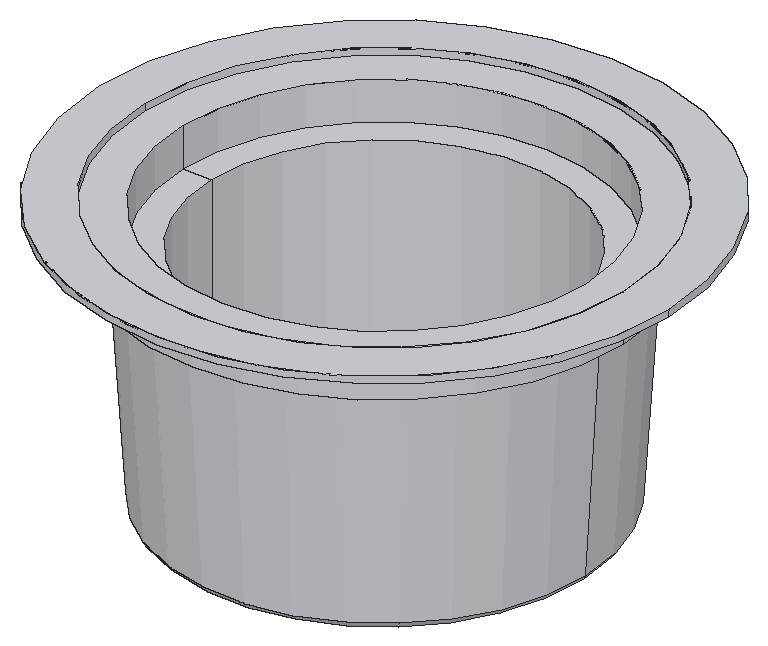
Revit family "Lighting-CommercialSector-GEWISS-ELIA-AL-LED_ACCENT_D172", category Apparecchi per illuminazione, host Superficie, Revit 2019 (continued)
Types (16, lengths in mm): name | Technical sheet | Optic | built-in parameter 1150142 | Lumen output (lm) | Model | IDT | File diagramma fotometrico | Description | Colour temperature: | Colour temperature
  GWF1411MH830 - ELIA AL M2 30K 60° ST.ALONE DALI CRI80 | "https://www.gewiss.com/ww/en/search?q=GWF1101QC840" | "60°" | "IESNA:LM-63-1995\r\n[TEST] 1\r\n[DATE] 27 Nov 2019\r\n[MANUFAC] GEWISS\r\n[LUMCAT] GWF1411MH830\r\n[LUMINAIRE] ELIA AL - M2 60° LED830 25W - DALI\r\n[FLASHAREA] 0.003065\r\n[LAMPCAT] LED 25W/2600lm\r\n[LAMP] LED 25W/2600lm\r\nTILT=NONE\r\n1 2600.00 1.0 91 4 1 2 -0.127 0.000 0.000\r\n1.00 1.00 25.00\r\n0.00 1.00 2.00 3.00 4.00 5.00 6.00 7.00 8.00 9.00 10.00 \r\n11.00 12.00 13.00 14.00 15.00 16.00 17.00 18.00 19.00 \r\n20.00 21.00 22.00 23.00 24.00 25.00 26.00 27.00 28.00 \r\n29.00 30.00 31.00 32.00 33.00 34.00 35.00 36.00 37.00 \r\n38.00 39.00 40.00 41.00 42.00 43.00 44.00 45.00 46.00 \r\n47.00 48.00 49.00 50.00 51.00 52.00 53.00 54.00 55.00 \r\n56.00 57.00 58.00 59.00 60.00 61.00 62.00 63.00 64.00 \r\n65.00 66.00 67.00 68.00 69.00 70.00 71.00 72.00 73.00 \r\n74.00 75.00 76.00 77.00 78.00 79.00 80.00 81.00 82.00 \r\n83.00 84.00 85.00 86.00 87.00 88.00 89.00 90.00 \r\n0.00 30.00 60.00 90.00 \r\n3096.60 3099.20 3103.10 3107.00 3108.30 3103.10 3092.70 \r\n3078.40 3064.10 3047.20 3031.60 3014.70 2991.30 2961.40 \r\n2925.00 2879.50 2821.00 2752.10 2674.10 2584.27 2487.42 \r\n2382.77 2271.49 2152.28 2028.26 1898.13 1765.53 1636.57 \r\n1503.06 1369.94 1239.94 1117.48 1006.85 907.14 817.18 \r\n736.19 663.00 597.61 537.81 482.43 431.34 383.76 339.56 \r\n297.18 256.91 216.91 178.45 141.12 107.28 80.47 59.34 \r\n42.39 28.95 20.07 13.74 8.87 5.65 3.70 2.91 2.47 2.16 \r\n1.94 1.70 1.49 1.35 1.23 1.15 1.09 1.03 0.98 0.91 0.88 \r\n0.83 0.79 0.72 0.67 0.61 0.55 0.48 0.39 0.31 0.23 0.15 \r\n0.07 0.00 0.00 0.00 0.00 0.00 0.00 0.00 \r\n3081.00 3083.60 3088.15 3090.10 3086.85 3079.70 3070.60 \r\n3058.90 3045.90 3030.30 3016.00 2996.50 2973.10 2941.25 \r\n2903.55 2857.40 2799.55 2731.30 2653.43 2566.72 2471.76 \r\n2368.80 2260.05 2144.29 2022.74 1895.79 1765.08 1634.04 \r\n1502.74 1370.59 1239.81 1119.37 1009.39 909.74 821.27 \r\n741.06 668.33 602.94 543.27 488.15 436.41 388.51 344.31 \r\n301.93 260.95 220.99 182.21 144.14 109.34 81.49 60.47 \r\n43.02 29.10 20.12 13.84 8.96 5.56 3.72 2.89 2.43 2.15 \r\n1.94 1.70 1.49 1.33 1.22 1.15 1.08 1.02 0.96 0.92 0.86 \r\n0.82 0.77 0.73 0.66 0.60 0.53 0.48 0.40 0.32 0.22 0.12 \r\n0.06 0.00 0.00 0.00 0.00 0.00 0.00 0.00 \r\n3081.00 3082.95 3087.50 3090.10 3086.85 3081.00 3068.00 \r\n3053.70 3039.40 3024.45 3010.15 2991.95 2967.90 2938.00 \r\n2900.30 2854.80 2797.60 2729.35 2651.55 2564.70 2469.87 \r\n2366.78 2257.78 2141.82 2019.49 1891.89 1761.57 1630.46 \r\n1501.95 1372.54 1242.61 1120.66 1009.97 909.94 821.27 \r\n741.33 669.44 604.44 545.22 491.01 438.88 390.84 347.75 \r\n304.98 262.92 222.76 183.33 144.90 109.20 81.33 60.95 \r\n43.03 29.24 20.21 13.94 9.05 5.49 3.80 2.89 2.45 2.18 \r\n1.96 1.73 1.52 1.34 1.23 1.18 1.10 1.04 0.99 0.93 0.88 \r\n0.82 0.78 0.73 0.67 0.62 0.55 0.49 0.41 0.33 0.24 0.14 \r\n0.04 0.00 0.00 0.00 0.00 0.00 0.00 0.00 \r\n3081.00 3082.30 3088.80 3091.40 3091.40 3083.60 3070.60 \r\n3053.70 3036.80 3021.20 3003.00 2986.10 2961.40 2932.80 \r\n2896.40 2849.60 2791.10 2723.50 2643.55 2558.01 2462.46 \r\n2359.63 2250.69 2135.51 2013.96 1886.82 1756.56 1625.00 \r\n1499.81 1370.59 1240.20 1118.39 1008.67 909.61 821.60 \r\n741.39 669.11 604.11 545.48 491.27 439.14 391.56 348.79 \r\n306.93 263.74 223.52 183.46 145.26 108.93 80.91 61.07 \r\n42.84 29.28 20.29 14.07 9.16 5.43 3.88 2.95 2.50 2.23 \r\n2.02 1.80 1.58 1.37 1.28 1.20 1.13 1.06 1.01 0.96 0.90 \r\n0.85 0.80 0.76 0.68 0.63 0.56 0.49 0.43 0.34 0.24 0.14 \r\n0.03 0.00 0.00 0.00 0.00 0.00 0.00 0.00 \r\n" | "2600" | "GWF1411MH830" | "b0ddcd0e-c707-4b01-86ee-1e3f9cc71c91" | "GWF1411MH830.IES" | "ELIA AL M2 30K 60° ST.ALONE DALI CRI80" | "3000K" | "3000K"
  GWF1411MH930 - ELIA AL M2 30K 60° ST.ALONE DALI CRI90 | "https://www.gewiss.com/ww/en/search?q=GWF1100QC840" | "60°" | "IESNA:LM-63-1995\r\n[TEST] 1\r\n[DATE] 27 Nov 2019\r\n[MANUFAC] GEWISS\r\n[LUMCAT] GWF1411MH930\r\n[LUMINAIRE] ELIA AL - M2 60° LED930 25W - DALI\r\n[FLASHAREA] 0.003065\r\n[LAMPCAT] LED 25W/2200lm\r\n[LAMP] LED 25W/2200lm\r\nTILT=NONE\r\n1 2200.00 1.0 91 4 1 2 -0.127 0.000 0.000\r\n1.00 1.00 25.00\r\n0.00 1.00 2.00 3.00 4.00 5.00 6.00 7.00 8.00 9.00 10.00 \r\n11.00 12.00 13.00 14.00 15.00 16.00 17.00 18.00 19.00 \r\n20.00 21.00 22.00 23.00 24.00 25.00 26.00 27.00 28.00 \r\n29.00 30.00 31.00 32.00 33.00 34.00 35.00 36.00 37.00 \r\n38.00 39.00 40.00 41.00 42.00 43.00 44.00 45.00 46.00 \r\n47.00 48.00 49.00 50.00 51.00 52.00 53.00 54.00 55.00 \r\n56.00 57.00 58.00 59.00 60.00 61.00 62.00 63.00 64.00 \r\n65.00 66.00 67.00 68.00 69.00 70.00 71.00 72.00 73.00 \r\n74.00 75.00 76.00 77.00 78.00 79.00 80.00 81.00 82.00 \r\n83.00 84.00 85.00 86.00 87.00 88.00 89.00 90.00 \r\n0.00 30.00 60.00 90.00 \r\n2620.20 2622.40 2625.70 2629.00 2630.10 2625.70 2616.90 \r\n2604.80 2592.70 2578.40 2565.20 2550.90 2531.10 2505.80 \r\n2475.00 2436.50 2387.00 2328.70 2262.70 2186.69 2104.74 \r\n2016.19 1922.03 1821.16 1716.22 1606.11 1493.91 1384.79 \r\n1271.82 1159.18 1049.18 945.56 851.95 767.58 691.46 \r\n622.93 561.00 505.67 455.07 408.21 364.98 324.72 287.32 \r\n251.46 217.38 183.53 151.00 119.41 90.77 68.09 50.22 \r\n35.87 24.49 16.98 11.62 7.50 4.78 3.13 2.46 2.09 1.83 \r\n1.64 1.44 1.26 1.14 1.04 0.97 0.92 0.87 0.83 0.77 0.75 \r\n0.70 0.67 0.61 0.57 0.52 0.46 0.40 0.33 0.26 0.20 0.12 \r\n0.06 0.00 0.00 0.00 0.00 0.00 0.00 0.00 \r\n2607.00 2609.20 2613.05 2614.70 2611.95 2605.90 2598.20 \r\n2588.30 2577.30 2564.10 2552.00 2535.50 2515.70 2488.75 \r\n2456.85 2417.80 2368.85 2311.10 2245.21 2171.84 2091.49 \r\n2004.37 1912.35 1814.40 1711.55 1604.13 1493.53 1382.65 \r\n1271.55 1159.73 1049.07 947.15 854.10 769.78 694.93 \r\n627.05 565.51 510.18 459.69 413.05 369.27 328.74 291.34 \r\n255.48 220.80 186.99 154.18 121.97 92.52 68.95 51.17 \r\n36.40 24.63 17.02 11.71 7.58 4.70 3.14 2.45 2.05 1.82 \r\n1.64 1.44 1.26 1.12 1.03 0.97 0.91 0.86 0.81 0.77 0.73 \r\n0.69 0.65 0.61 0.56 0.50 0.45 0.40 0.34 0.27 0.19 0.11 \r\n0.05 0.00 0.00 0.00 0.00 0.00 0.00 0.00 \r\n2607.00 2608.65 2612.50 2614.70 2611.95 2607.00 2596.00 \r\n2583.90 2571.80 2559.15 2547.05 2531.65 2511.30 2486.00 \r\n2454.10 2415.60 2367.20 2309.45 2243.62 2170.14 2089.89 \r\n2002.66 1910.43 1812.31 1708.80 1600.83 1490.56 1379.62 \r\n1270.88 1161.38 1051.44 948.25 854.59 769.95 694.93 \r\n627.28 566.45 511.45 461.34 415.47 371.36 330.71 294.25 \r\n258.06 222.47 188.49 155.12 122.61 92.40 68.82 51.57 \r\n36.41 24.74 17.10 11.80 7.66 4.64 3.22 2.45 2.07 1.85 \r\n1.66 1.47 1.29 1.14 1.04 0.99 0.93 0.88 0.83 0.79 0.74 \r\n0.70 0.66 0.62 0.57 0.53 0.47 0.41 0.35 0.28 0.20 0.12 \r\n0.03 0.00 0.00 0.00 0.00 0.00 0.00 0.00 \r\n2607.00 2608.10 2613.60 2615.80 2615.80 2609.20 2598.20 \r\n2583.90 2569.60 2556.40 2541.00 2526.70 2505.80 2481.60 \r\n2450.80 2411.20 2361.70 2304.50 2236.85 2164.47 2083.62 \r\n1996.61 1904.43 1806.97 1704.12 1596.54 1486.32 1375.00 \r\n1269.07 1159.73 1049.40 946.33 853.49 769.67 695.20 \r\n627.33 566.17 511.17 461.56 415.69 371.58 331.32 295.13 \r\n259.71 223.17 189.13 155.23 122.91 92.17 68.46 51.68 \r\n36.25 24.77 17.17 11.91 7.75 4.60 3.28 2.49 2.12 1.89 \r\n1.71 1.52 1.34 1.16 1.08 1.02 0.96 0.90 0.85 0.81 0.76 \r\n0.72 0.68 0.64 0.58 0.53 0.47 0.41 0.36 0.29 0.21 0.12 \r\n0.02 0.00 0.00 0.00 0.00 0.00 0.00 0.00 \r\n" | "2340" | "GWF1411MH930" | "6cc3aece-cdcd-4d8c-b22f-51e606a931f1" | "GWF1411MH930.IES" | "ELIA AL M2 30K 60° ST.ALONE DALI CRI90" | "3000K" | "3000K"
  GWF1410MH830 - ELIA AL M2 30K 60° ST.ALONE ON/OFF CRI80 | "https://www.gewiss.com/ww/en/search?q=GWF1101MF840" | "60°" | "IESNA:LM-63-1995\r\n[TEST] 1\r\n[DATE] 27 Nov 2019\r\n[MANUFAC] GEWISS\r\n[LUMCAT] GWF1410MH830\r\n[LUMINAIRE] ELIA AL - M2 60° LED830 25W\r\n[FLASHAREA] 0.003065\r\n[LAMPCAT] LED 25W/2600lm\r\n[LAMP] LED 25W/2600lm\r\nTILT=NONE\r\n1 2600.00 1.0 91 4 1 2 -0.127 0.000 0.000\r\n1.00 1.00 25.00\r\n0.00 1.00 2.00 3.00 4.00 5.00 6.00 7.00 8.00 9.00 10.00 \r\n11.00 12.00 13.00 14.00 15.00 16.00 17.00 18.00 19.00 \r\n20.00 21.00 22.00 23.00 24.00 25.00 26.00 27.00 28.00 \r\n29.00 30.00 31.00 32.00 33.00 34.00 35.00 36.00 37.00 \r\n38.00 39.00 40.00 41.00 42.00 43.00 44.00 45.00 46.00 \r\n47.00 48.00 49.00 50.00 51.00 52.00 53.00 54.00 55.00 \r\n56.00 57.00 58.00 59.00 60.00 61.00 62.00 63.00 64.00 \r\n65.00 66.00 67.00 68.00 69.00 70.00 71.00 72.00 73.00 \r\n74.00 75.00 76.00 77.00 78.00 79.00 80.00 81.00 82.00 \r\n83.00 84.00 85.00 86.00 87.00 88.00 89.00 90.00 \r\n0.00 30.00 60.00 90.00 \r\n3096.60 3099.20 3103.10 3107.00 3108.30 3103.10 3092.70 \r\n3078.40 3064.10 3047.20 3031.60 3014.70 2991.30 2961.40 \r\n2925.00 2879.50 2821.00 2752.10 2674.10 2584.27 2487.42 \r\n2382.77 2271.49 2152.28 2028.26 1898.13 1765.53 1636.57 \r\n1503.06 1369.94 1239.94 1117.48 1006.85 907.14 817.18 \r\n736.19 663.00 597.61 537.81 482.43 431.34 383.76 339.56 \r\n297.18 256.91 216.91 178.45 141.12 107.28 80.47 59.34 \r\n42.39 28.95 20.07 13.74 8.87 5.65 3.70 2.91 2.47 2.16 \r\n1.94 1.70 1.49 1.35 1.23 1.15 1.09 1.03 0.98 0.91 0.88 \r\n0.83 0.79 0.72 0.67 0.61 0.55 0.48 0.39 0.31 0.23 0.15 \r\n0.07 0.00 0.00 0.00 0.00 0.00 0.00 0.00 \r\n3081.00 3083.60 3088.15 3090.10 3086.85 3079.70 3070.60 \r\n3058.90 3045.90 3030.30 3016.00 2996.50 2973.10 2941.25 \r\n2903.55 2857.40 2799.55 2731.30 2653.43 2566.72 2471.76 \r\n2368.80 2260.05 2144.29 2022.74 1895.79 1765.08 1634.04 \r\n1502.74 1370.59 1239.81 1119.37 1009.39 909.74 821.27 \r\n741.06 668.33 602.94 543.27 488.15 436.41 388.51 344.31 \r\n301.93 260.95 220.99 182.21 144.14 109.34 81.49 60.47 \r\n43.02 29.10 20.12 13.84 8.96 5.56 3.72 2.89 2.43 2.15 \r\n1.94 1.70 1.49 1.33 1.22 1.15 1.08 1.02 0.96 0.92 0.86 \r\n0.82 0.77 0.73 0.66 0.60 0.53 0.48 0.40 0.32 0.22 0.12 \r\n0.06 0.00 0.00 0.00 0.00 0.00 0.00 0.00 \r\n3081.00 3082.95 3087.50 3090.10 3086.85 3081.00 3068.00 \r\n3053.70 3039.40 3024.45 3010.15 2991.95 2967.90 2938.00 \r\n2900.30 2854.80 2797.60 2729.35 2651.55 2564.70 2469.87 \r\n2366.78 2257.78 2141.82 2019.49 1891.89 1761.57 1630.46 \r\n1501.95 1372.54 1242.61 1120.66 1009.97 909.94 821.27 \r\n741.33 669.44 604.44 545.22 491.01 438.88 390.84 347.75 \r\n304.98 262.92 222.76 183.33 144.90 109.20 81.33 60.95 \r\n43.03 29.24 20.21 13.94 9.05 5.49 3.80 2.89 2.45 2.18 \r\n1.96 1.73 1.52 1.34 1.23 1.18 1.10 1.04 0.99 0.93 0.88 \r\n0.82 0.78 0.73 0.67 0.62 0.55 0.49 0.41 0.33 0.24 0.14 \r\n0.04 0.00 0.00 0.00 0.00 0.00 0.00 0.00 \r\n3081.00 3082.30 3088.80 3091.40 3091.40 3083.60 3070.60 \r\n3053.70 3036.80 3021.20 3003.00 2986.10 2961.40 2932.80 \r\n2896.40 2849.60 2791.10 2723.50 2643.55 2558.01 2462.46 \r\n2359.63 2250.69 2135.51 2013.96 1886.82 1756.56 1625.00 \r\n1499.81 1370.59 1240.20 1118.39 1008.67 909.61 821.60 \r\n741.39 669.11 604.11 545.48 491.27 439.14 391.56 348.79 \r\n306.93 263.74 223.52 183.46 145.26 108.93 80.91 61.07 \r\n42.84 29.28 20.29 14.07 9.16 5.43 3.88 2.95 2.50 2.23 \r\n2.02 1.80 1.58 1.37 1.28 1.20 1.13 1.06 1.01 0.96 0.90 \r\n0.85 0.80 0.76 0.68 0.63 0.56 0.49 0.43 0.34 0.24 0.14 \r\n0.03 0.00 0.00 0.00 0.00 0.00 0.00 0.00 \r\n" | "2600" | "GWF1410MH830" | "f46e95f1-9e0d-4ac2-b24f-ed060d1a1849" | "GWF1410MH830.IES" | "ELIA AL M2 30K 60° ST.ALONE ON/OFF CRI80" | "3000K" | "3000K"
  GWF1410MH930 - ELIA AL M2 30K 60° ST.ALONE ON/OFF CRI90 | "https://www.gewiss.com/ww/en/search?q=GWF1100MF840" | "60°" | "IESNA:LM-63-1995\r\n[TEST] 1\r\n[DATE] 27 Nov 2019\r\n[MANUFAC] GEWISS\r\n[LUMCAT] GWF1410MH930\r\n[LUMINAIRE] ELIA AL - M2 60° LED930 25W\r\n[FLASHAREA] 0.003065\r\n[LAMPCAT] LED 25W/2200lm\r\n[LAMP] LED 25W/2200lm\r\nTILT=NONE\r\n1 2200.00 1.0 91 4 1 2 -0.127 0.000 0.000\r\n1.00 1.00 25.00\r\n0.00 1.00 2.00 3.00 4.00 5.00 6.00 7.00 8.00 9.00 10.00 \r\n11.00 12.00 13.00 14.00 15.00 16.00 17.00 18.00 19.00 \r\n20.00 21.00 22.00 23.00 24.00 25.00 26.00 27.00 28.00 \r\n29.00 30.00 31.00 32.00 33.00 34.00 35.00 36.00 37.00 \r\n38.00 39.00 40.00 41.00 42.00 43.00 44.00 45.00 46.00 \r\n47.00 48.00 49.00 50.00 51.00 52.00 53.00 54.00 55.00 \r\n56.00 57.00 58.00 59.00 60.00 61.00 62.00 63.00 64.00 \r\n65.00 66.00 67.00 68.00 69.00 70.00 71.00 72.00 73.00 \r\n74.00 75.00 76.00 77.00 78.00 79.00 80.00 81.00 82.00 \r\n83.00 84.00 85.00 86.00 87.00 88.00 89.00 90.00 \r\n0.00 30.00 60.00 90.00 \r\n2620.20 2622.40 2625.70 2629.00 2630.10 2625.70 2616.90 \r\n2604.80 2592.70 2578.40 2565.20 2550.90 2531.10 2505.80 \r\n2475.00 2436.50 2387.00 2328.70 2262.70 2186.69 2104.74 \r\n2016.19 1922.03 1821.16 1716.22 1606.11 1493.91 1384.79 \r\n1271.82 1159.18 1049.18 945.56 851.95 767.58 691.46 \r\n622.93 561.00 505.67 455.07 408.21 364.98 324.72 287.32 \r\n251.46 217.38 183.53 151.00 119.41 90.77 68.09 50.22 \r\n35.87 24.49 16.98 11.62 7.50 4.78 3.13 2.46 2.09 1.83 \r\n1.64 1.44 1.26 1.14 1.04 0.97 0.92 0.87 0.83 0.77 0.75 \r\n0.70 0.67 0.61 0.57 0.52 0.46 0.40 0.33 0.26 0.20 0.12 \r\n0.06 0.00 0.00 0.00 0.00 0.00 0.00 0.00 \r\n2607.00 2609.20 2613.05 2614.70 2611.95 2605.90 2598.20 \r\n2588.30 2577.30 2564.10 2552.00 2535.50 2515.70 2488.75 \r\n2456.85 2417.80 2368.85 2311.10 2245.21 2171.84 2091.49 \r\n2004.37 1912.35 1814.40 1711.55 1604.13 1493.53 1382.65 \r\n1271.55 1159.73 1049.07 947.15 854.10 769.78 694.93 \r\n627.05 565.51 510.18 459.69 413.05 369.27 328.74 291.34 \r\n255.48 220.80 186.99 154.18 121.97 92.52 68.95 51.17 \r\n36.40 24.63 17.02 11.71 7.58 4.70 3.14 2.45 2.05 1.82 \r\n1.64 1.44 1.26 1.12 1.03 0.97 0.91 0.86 0.81 0.77 0.73 \r\n0.69 0.65 0.61 0.56 0.50 0.45 0.40 0.34 0.27 0.19 0.11 \r\n0.05 0.00 0.00 0.00 0.00 0.00 0.00 0.00 \r\n2607.00 2608.65 2612.50 2614.70 2611.95 2607.00 2596.00 \r\n2583.90 2571.80 2559.15 2547.05 2531.65 2511.30 2486.00 \r\n2454.10 2415.60 2367.20 2309.45 2243.62 2170.14 2089.89 \r\n2002.66 1910.43 1812.31 1708.80 1600.83 1490.56 1379.62 \r\n1270.88 1161.38 1051.44 948.25 854.59 769.95 694.93 \r\n627.28 566.45 511.45 461.34 415.47 371.36 330.71 294.25 \r\n258.06 222.47 188.49 155.12 122.61 92.40 68.82 51.57 \r\n36.41 24.74 17.10 11.80 7.66 4.64 3.22 2.45 2.07 1.85 \r\n1.66 1.47 1.29 1.14 1.04 0.99 0.93 0.88 0.83 0.79 0.74 \r\n0.70 0.66 0.62 0.57 0.53 0.47 0.41 0.35 0.28 0.20 0.12 \r\n0.03 0.00 0.00 0.00 0.00 0.00 0.00 0.00 \r\n2607.00 2608.10 2613.60 2615.80 2615.80 2609.20 2598.20 \r\n2583.90 2569.60 2556.40 2541.00 2526.70 2505.80 2481.60 \r\n2450.80 2411.20 2361.70 2304.50 2236.85 2164.47 2083.62 \r\n1996.61 1904.43 1806.97 1704.12 1596.54 1486.32 1375.00 \r\n1269.07 1159.73 1049.40 946.33 853.49 769.67 695.20 \r\n627.33 566.17 511.17 461.56 415.69 371.58 331.32 295.13 \r\n259.71 223.17 189.13 155.23 122.91 92.17 68.46 51.68 \r\n36.25 24.77 17.17 11.91 7.75 4.60 3.28 2.49 2.12 1.89 \r\n1.71 1.52 1.34 1.16 1.08 1.02 0.96 0.90 0.85 0.81 0.76 \r\n0.72 0.68 0.64 0.58 0.53 0.47 0.41 0.36 0.29 0.21 0.12 \r\n0.02 0.00 0.00 0.00 0.00 0.00 0.00 0.00 \r\n" | "2340" | "GWF1410MH930" | "137e43eb-852c-4f0a-ac96-64e9f1c54054" | "GWF1410MH930.IES" | "ELIA AL M2 30K 60° ST.ALONE ON/OFF CRI90" | "3000K" | "3000K"
  GWF1411MG840 - ELIA AL M2 40K 36° ST.ALONE DALI CRI80 | "https://www.gewiss.com/ww/en/search?q=GWF1101MH840" | "36°" | "IESNA:LM-63-1995\r\n[TEST] 1\r\n[DATE] 27 Nov 2019\r\n[MANUFAC] GEWISS\r\n[LUMCAT] GWF1411MG840\r\n[LUMINAIRE] ELIA AL - M2 36° LED840 25W - DALI\r\n[FLASHAREA] 0.003065\r\n[LAMPCAT] LED 25W/2700lm\r\n[LAMP] LED 25W/2700lm\r\nTILT=NONE\r\n1 2700.00 1.0 91 4 1 2 -0.127 0.000 0.000\r\n1.00 1.00 25.00\r\n0.00 1.00 2.00 3.00 4.00 5.00 6.00 7.00 8.00 9.00 10.00 \r\n11.00 12.00 13.00 14.00 15.00 16.00 17.00 18.00 19.00 \r\n20.00 21.00 22.00 23.00 24.00 25.00 26.00 27.00 28.00 \r\n29.00 30.00 31.00 32.00 33.00 34.00 35.00 36.00 37.00 \r\n38.00 39.00 40.00 41.00 42.00 43.00 44.00 45.00 46.00 \r\n47.00 48.00 49.00 50.00 51.00 52.00 53.00 54.00 55.00 \r\n56.00 57.00 58.00 59.00 60.00 61.00 62.00 63.00 64.00 \r\n65.00 66.00 67.00 68.00 69.00 70.00 71.00 72.00 73.00 \r\n74.00 75.00 76.00 77.00 78.00 79.00 80.00 81.00 82.00 \r\n83.00 84.00 85.00 86.00 87.00 88.00 89.00 90.00 \r\n0.00 30.00 60.00 90.00 \r\n5832.00 5814.45 5775.30 5721.30 5655.15 5564.70 5443.20 \r\n5314.95 5157.00 4982.85 4792.50 4579.20 4351.05 4108.05 \r\n3854.25 3600.45 3335.85 3075.57 2820.15 2575.26 2339.95 \r\n2122.47 1922.81 1731.38 1566.95 1418.31 1284.26 1167.75 \r\n1062.72 969.44 886.82 812.84 745.88 684.99 630.72 581.18 \r\n533.12 489.92 449.01 411.35 372.46 336.56 300.83 263.17 \r\n225.02 186.33 148.61 116.72 89.41 64.10 43.72 30.92 22.87 \r\n15.53 10.53 7.77 6.10 4.93 4.04 3.34 2.83 2.43 2.06 1.83 \r\n1.65 1.48 1.40 1.32 1.25 1.19 1.11 1.06 0.98 0.92 0.86 \r\n0.78 0.72 0.65 0.55 0.45 0.33 0.21 0.14 0.06 0.00 0.00 \r\n0.00 0.00 0.00 0.00 0.00 \r\n5811.75 5800.95 5761.80 5711.85 5636.93 5550.53 5436.45 \r\n5306.85 5153.63 4974.75 4779.00 4564.35 4336.20 4093.88 \r\n3846.15 3591.00 3330.45 3071.32 2817.52 2569.79 2338.07 \r\n2119.30 1920.24 1737.65 1569.78 1420.54 1287.56 1169.57 \r\n1064.95 972.27 889.18 816.55 751.75 692.41 639.70 590.42 \r\n545.74 501.86 462.11 424.37 386.44 349.62 313.90 274.18 \r\n235.14 194.60 154.31 118.61 88.18 62.23 42.57 29.84 21.30 \r\n13.99 9.71 7.34 5.83 4.78 3.97 3.34 2.84 2.42 2.05 1.81 \r\n1.65 1.51 1.41 1.35 1.30 1.20 1.13 1.07 1.00 0.95 0.86 \r\n0.80 0.72 0.64 0.54 0.44 0.34 0.20 0.10 0.06 0.00 0.00 \r\n0.00 0.00 0.00 0.00 0.00 \r\n5813.10 5799.60 5767.88 5713.20 5644.35 5555.93 5447.25 \r\n5310.90 5159.03 4976.78 4781.70 4565.03 4334.85 4096.57 \r\n3848.85 3593.70 3334.50 3075.71 2820.28 2578.23 2344.28 \r\n2127.40 1930.50 1748.52 1582.07 1431.81 1297.55 1178.95 \r\n1072.91 980.30 898.09 825.80 762.01 704.84 653.94 607.03 \r\n563.69 522.32 482.63 444.08 407.77 370.52 333.02 293.34 \r\n251.96 208.39 163.67 121.34 85.79 60.01 42.04 28.82 18.63 \r\n12.31 8.98 7.04 5.71 4.71 3.96 3.37 2.84 2.38 2.04 1.83 \r\n1.66 1.55 1.46 1.39 1.31 1.23 1.16 1.10 1.03 0.95 0.90 \r\n0.82 0.75 0.66 0.57 0.46 0.33 0.24 0.16 0.07 0.00 0.00 \r\n0.00 0.00 0.00 0.00 0.00 \r\n5813.10 5798.25 5769.90 5717.25 5643.00 5555.25 5443.20 \r\n5305.50 5151.60 4982.85 4781.70 4564.35 4336.20 4094.55 \r\n3847.50 3596.40 3337.20 3079.35 2824.61 2579.45 2350.35 \r\n2137.05 1941.98 1752.84 1586.93 1436.27 1301.81 1182.20 \r\n1077.44 983.34 900.18 827.69 765.32 709.56 660.01 611.01 \r\n568.89 528.39 488.16 450.36 414.45 377.70 339.34 299.12 \r\n256.59 211.92 164.25 118.69 80.62 56.82 41.93 27.93 17.13 \r\n11.67 8.83 6.98 5.71 4.74 4.01 3.42 2.88 2.39 2.08 1.81 \r\n1.68 1.57 1.49 1.41 1.33 1.27 1.19 1.11 1.06 1.00 0.90 \r\n0.84 0.76 0.67 0.58 0.48 0.35 0.26 0.18 0.04 0.00 0.00 \r\n0.00 0.00 0.00 0.00 0.00 \r\n" | "2700" | "GWF1411MG840" | "5d72335e-046a-49ce-8689-fb5d9b45ae87" | "GWF1411MG840.IES" | "ELIA AL M2 40K 36° ST.ALONE DALI CRI80" | "4000K" | "4000K"
  GWF1411MG940 - ELIA AL M2 40K 36° ST.ALONE DALI CRI90 | "https://www.gewiss.com/ww/en/search?q=GWF1100MH840" | "36°" | "IESNA:LM-63-1995\r\n[TEST] 1\r\n[DATE] 27 Nov 2019\r\n[MANUFAC] GEWISS\r\n[LUMCAT] GWF1411MG940\r\n[LUMINAIRE] ELIA AL - M2 36° LED940 25W - DALI\r\n[FLASHAREA] 0.003065\r\n[LAMPCAT] LED 25W/2300lm\r\n[LAMP] LED 25W/2300lm\r\nTILT=NONE\r\n1 2300.00 1.0 91 4 1 2 -0.127 0.000 0.000\r\n1.00 1.00 25.00\r\n0.00 1.00 2.00 3.00 4.00 5.00 6.00 7.00 8.00 9.00 10.00 \r\n11.00 12.00 13.00 14.00 15.00 16.00 17.00 18.00 19.00 \r\n20.00 21.00 22.00 23.00 24.00 25.00 26.00 27.00 28.00 \r\n29.00 30.00 31.00 32.00 33.00 34.00 35.00 36.00 37.00 \r\n38.00 39.00 40.00 41.00 42.00 43.00 44.00 45.00 46.00 \r\n47.00 48.00 49.00 50.00 51.00 52.00 53.00 54.00 55.00 \r\n56.00 57.00 58.00 59.00 60.00 61.00 62.00 63.00 64.00 \r\n65.00 66.00 67.00 68.00 69.00 70.00 71.00 72.00 73.00 \r\n74.00 75.00 76.00 77.00 78.00 79.00 80.00 81.00 82.00 \r\n83.00 84.00 85.00 86.00 87.00 88.00 89.00 90.00 \r\n0.00 30.00 60.00 90.00 \r\n4968.00 4953.05 4919.70 4873.70 4817.35 4740.30 4636.80 \r\n4527.55 4393.00 4244.65 4082.50 3900.80 3706.45 3499.45 \r\n3283.25 3067.05 2841.65 2619.93 2402.35 2193.74 1993.29 \r\n1808.03 1637.94 1474.87 1334.80 1208.19 1093.99 994.75 \r\n905.28 825.81 755.43 692.41 635.38 583.51 537.28 495.07 \r\n454.13 417.33 382.49 350.40 317.28 286.69 256.27 224.18 \r\n191.68 158.72 126.59 99.43 76.16 54.60 37.24 26.34 19.49 \r\n13.23 8.97 6.62 5.20 4.20 3.44 2.84 2.41 2.07 1.75 1.56 \r\n1.41 1.26 1.19 1.13 1.06 1.02 0.95 0.90 0.83 0.78 0.73 \r\n0.67 0.62 0.55 0.47 0.38 0.28 0.18 0.12 0.05 0.00 0.00 \r\n0.00 0.00 0.00 0.00 0.00 \r\n4950.75 4941.55 4908.20 4865.65 4801.82 4728.22 4631.05 \r\n4520.65 4390.13 4237.75 4071.00 3888.15 3693.80 3487.37 \r\n3276.35 3059.00 2837.05 2616.31 2400.11 2189.08 1991.68 \r\n1805.33 1635.76 1480.22 1337.22 1210.09 1096.81 996.30 \r\n907.18 828.23 757.45 695.58 640.38 589.83 544.93 502.95 \r\n464.89 427.51 393.64 361.50 329.19 297.82 267.40 233.56 \r\n200.30 165.77 131.44 101.04 75.12 53.01 36.27 25.42 18.15 \r\n11.92 8.27 6.25 4.97 4.08 3.38 2.84 2.42 2.06 1.75 1.54 \r\n1.40 1.28 1.21 1.15 1.11 1.02 0.97 0.91 0.85 0.81 0.73 \r\n0.68 0.62 0.55 0.46 0.37 0.29 0.17 0.09 0.05 0.00 0.00 \r\n0.00 0.00 0.00 0.00 0.00 \r\n4951.90 4940.40 4913.38 4866.80 4808.15 4732.82 4640.25 \r\n4524.10 4394.72 4239.47 4073.30 3888.72 3692.65 3489.67 \r\n3278.65 3061.30 2840.50 2620.05 2402.46 2196.27 1996.97 \r\n1812.23 1644.50 1489.48 1347.68 1219.69 1105.32 1004.29 \r\n913.96 835.07 765.04 703.46 649.12 600.41 557.06 517.10 \r\n480.18 444.93 411.12 378.29 347.36 315.63 283.69 249.88 \r\n214.64 177.52 139.43 103.36 73.08 51.12 35.81 24.55 15.87 \r\n10.49 7.65 6.00 4.86 4.02 3.37 2.87 2.42 2.03 1.74 1.56 \r\n1.41 1.32 1.25 1.18 1.11 1.05 0.99 0.94 0.88 0.81 0.76 \r\n0.70 0.64 0.56 0.49 0.40 0.28 0.20 0.13 0.06 0.00 0.00 \r\n0.00 0.00 0.00 0.00 0.00 \r\n4951.90 4939.25 4915.10 4870.25 4807.00 4732.25 4636.80 \r\n4519.50 4388.40 4244.65 4073.30 3888.15 3693.80 3487.95 \r\n3277.50 3063.60 2842.80 2623.15 2406.14 2197.30 2002.15 \r\n1820.45 1654.27 1493.16 1351.82 1223.48 1108.94 1007.05 \r\n917.81 837.66 766.82 705.06 651.93 604.44 562.23 520.49 \r\n484.61 450.11 415.84 383.64 353.05 321.75 289.06 254.81 \r\n218.58 180.53 139.92 101.11 68.68 48.40 35.72 23.79 14.59 \r\n9.94 7.53 5.95 4.86 4.04 3.41 2.91 2.45 2.04 1.78 1.55 \r\n1.43 1.34 1.27 1.20 1.13 1.08 1.01 0.95 0.90 0.85 0.77 \r\n0.72 0.65 0.57 0.50 0.41 0.30 0.22 0.16 0.03 0.00 0.00 \r\n0.00 0.00 0.00 0.00 0.00 \r\n" | "2430" | "GWF1411MG940" | "1f1e4619-80e1-4da6-beb9-bc99a6c017d3" | "GWF1411MG940.IES" | "ELIA AL M2 40K 36° ST.ALONE DALI CRI90" | "4000K" | "4000K"
